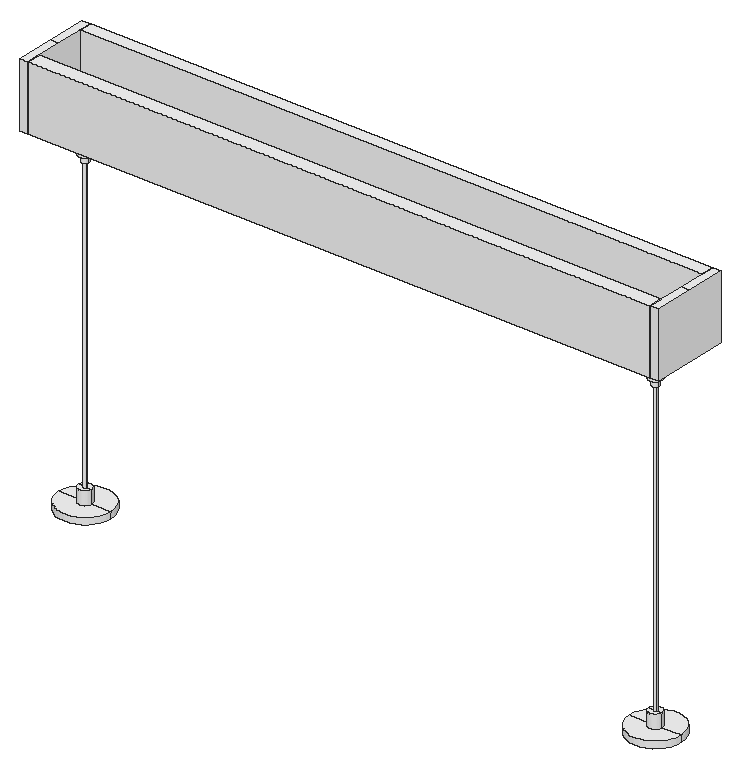
Revit family "70L-P-ID", category Lighting Fixtures, host Face, Revit 2021
Family settings
  Host = Face
  Round Connector Dimension = Use Diameter
  Part Type = Normal
  OmniClass Number = 23.80.70.14.21
  OmniClass Title = Street and Roadway Lighting
  Cut with Voids When Loaded = No
  Light Source = Yes
  Shared = Yes
  Room Calculation Point = No
Parameters (values of type "70L-P-ID-02")
  zz Length 1 = 24.000"
  Watts = 25 W
  Wattage Comments = ""
  Wattage = 106.5 W
  built-in parameter 1150110 = 1 (stored number, unit not read)
  Voltage = 120 V
  URL = "https://www.currentlighting.com/litecontrol"
  Type Comments = "Lighting Fixtures"  # constant formula
  built-in parameter 1114217 = 1 (stored number, unit not read)
  Tilt Angle = -90.00°  # constant formula
  built-in parameter 1150109 = 1 (stored number, unit not read)
  built-in parameter 1150134 = (empty or 0)
  built-in parameter 1150113 = 1 (stored number, unit not read)
  Product Material = White
  Power Factor = 1
  Photometric Web File = "70L-X-ID-STD-4-CX-35K-I030-D030-ECC.ies"
  Photometric Note = "More Photometric Web Files dowload in the Web link"  # constant formula
  Model = "Nelo 70L"  # constant formula
  Manufacturer = "LITECONTROL"  # constant formula
  built-in parameter 1150105 = -5126353.4 (stored number, unit not read)
  Lumens = 12247.5 lm
  built-in parameter 1150115 = 1 (stored number, unit not read)
  Load Classification = Lighting
  built-in parameter 1150137 = (empty or 0)
  built-in parameter 1150139 = (empty or 0)
  built-in parameter 1150112 = 1 (stored number, unit not read)
  built-in parameter 1150114 = 1 (stored number, unit not read)
  Lamp = "LED"  # constant formula
  built-in parameter 1150132 = (empty or 0)
  built-in parameter 1150102 = (empty or 0)
  built-in parameter 1150107 = 3107 (stored number, unit not read)
  built-in parameter 1150138 = (empty or 0)
  built-in parameter 1150106 = -51263.5 (stored number, unit not read)
  Glass = Glass -  White
  Features = " Variable Intensity technology provides a range of specifiable outputs and \r\nresulting fixture wattages\r\n•  1200 lumens max. See performance data table on page 4 for additional \r\ninformation\r\n•  80 & 90 CRI (30, 35, 40K); Warm Dim (30-22K), Tunable White (27-65K & 27-50K)"  # constant formula
  Emit from Line Length = zz Length 1 - 1.000"  # 23.000"
  built-in parameter 1150104 = 10.684 (stored number, unit not read)
  Dimming Lamp Color Temperature Shift = <None>
  Description = "Open Aperture Recessed Direct"  # constant formula
  Default Elevation = 48.000"
  Cord Length = 12.000"
  Contact Us = ""
  Color Filter = 16777215
  built-in parameter 1114218 = 1 (stored number, unit not read)
  built-in parameter 1150133 = 10 (stored number, unit not read)
  Assembly Code = "D5020200"
  Apparent Load = Watts / Power Factor  # 25 VA
Types (7): name | zz Length 1 | Emit from Line Length | Cord Length
  (no name) | 24.000" | 23.000" | 12.000"
  70L-P-ID-02 | 24.000" | 23.000" | 12.000"
  70L-P-ID-03 | 36.000" | 35.000" | 10.000"
  70L-P-ID-04 | 48.000" | 47.000" | 10.000"
  70L-P-ID-05 | 60.000" | 59.000" | 10.000"
  70L-P-ID-06 | 72.000" | 71.000" | 10.000"
  70L-P-ID-08 | 96.000" | 95.000" | 10.000"
Reference planes (in)
  plane 1 "Center (Front/Back)": y = 0
  plane 2: z = 0
  plane 3 "Center (Left/Right)": x = 0
  plane 4: x = 12
  plane 5: x = -12
  plane 6: y = -1.5
  plane 7: y = 1.5
  plane 8: z = 12
  plane 9: z = 13.25
  plane 10: z = 15.75
  plane 11: x = 12.313
  plane 12: x = -12.313
  plane 13: x = -11
  plane 14: x = 11
Forms (in)
  Extrusion 1, solid, material "White" <- "Product Material"
    sketch origin (0, 0, 0) x (0, 1, 0) y (0, 0, 1)
      loop
        line (1.5, 15.75) -> (1, 15.75) -> (1, 14) -> (0, 14) -> (-1, 14) -> (-1, 15.75) -> (-1.5, 15.75) -> (-1.5, 13.25) -> (1.5, 13.25) -> (1.5, 15.75)
    from -12 to 12
  Extrusion 2, solid, material "White" <- "Product Material"
    sketch origin (0, 0, 0) x (0, 1, 0) y (0, 0, 1)
      loop
        line (-1.5, 15.75) -> (-1.5, 13.25) -> (1.5, 13.25) -> (1.5, 15.75) -> (0, 15.75) -> (-1.5, 15.75)
    from 12 to 12.313
  Extrusion 3, solid, material "White" <- "Product Material"
    sketch origin (0, 0, 0) x (0, 1, 0) y (0, 0, -1)
      loop
        line (-1.5, -15.75) -> (0, -15.75) -> (1.5, -15.75) -> (1.5, -13.25) -> (-1.5, -13.25) -> (-1.5, -15.75)
    from 12 to 12.313
  Revolve 4, solid, material "White" <- "Product Material"
    sketch origin (0, 0, 0) x (1, 0, 0) y (0, 0, 1)
      loop
        line (11, 13.25) -> (11, 0) -> (12, 0) -> (12, 0.25) -> (11.25, 0.25) -> (11.25, 0.75) -> (11.05622, 0.75) -> (11.05622, 12) -> (11.12699, 12) -> (11.12699, 12.25) -> (11.25, 12.25) -> (11.25, 13.25) -> (11, 13.25)
      axis (11, 13.25) -> (11, 0)
    angle from 0 to 360
  Revolve 5, solid, material "White" <- "Product Material"
    sketch origin (0, 0, 0) x (-1, 0, 0) y (0, 0, -1)
      loop
        line (11, -13.25) -> (11.25, -13.25) -> (11.25, -12.25) -> (11.12699, -12.25) -> (11.12699, -12) -> (11.05622, -12) -> (11.05622, -0.75) -> (11.25, -0.75) -> (11.25, -0.25) -> (12, -0.25) -> (12, 0) -> (11, 0) -> (11, -13.25)
      axis (11, -13.25) -> (11, 0)
    angle from 0 to 360
Dimensions and locks (in)
  "zz Length 1": plane 4 to plane 5
  equal spacing: plane 4, plane 3 "Center (Left/Right)", plane 5
  "Cord Length": plane 8 to plane 2
  plane 9 to plane 8 = 1.250"
  plane 10 to plane 9 = 2.500"
  locked: plane 4 to plane 14 at 1
  locked: plane 11 to plane 4 at 0.313
  locked: plane 13 to plane 5 at 1
  locked: plane 5 to plane 12 at 0.313
  locked: Revolve 4 sketch curve to Revolve 4 sketch curve at 0.25
  locked: Revolve 5 sketch curve to Revolve 5 sketch curve at 0.25
  aligned and locked: plane 2 to host face
  aligned and locked: level to host face
  aligned and locked: Extrusion 1 to plane 5
  aligned and locked: plane 4 to Extrusion 1
  aligned and locked: plane 11 to Extrusion 2
  aligned and locked: Extrusion 2 to plane 4
  aligned and locked: Revolve 4 sketch curve to plane 14
  aligned and locked: Extrusion 3 to plane 12
  aligned and locked: plane 5 to Extrusion 3
  aligned and locked: Revolve 5 sketch curve to plane 13
Automatic sketch dimensions
  host sketch curve to host sketch curve = 96.000"  (x2)
  Extrusion 1 sketch curve to plane 6 = 0.000"
  Extrusion 1 sketch curve to plane 10 = 0.000"  (x2)
  Extrusion 1 sketch curve to plane 1 "Center (Front/Back)" = 0.000"
  Extrusion 1 sketch curve to plane 7 = 0.000"
  Extrusion 1 sketch curve to plane 9 = 0.000"
  Extrusion 1 sketch curve to plane 6 = 0.500"
  plane 7 to Extrusion 1 sketch curve = 0.500"
  plane 9 to Extrusion 1 sketch curve = 0.750"
  Extrusion 2 sketch curve to plane 6 = 0.000"
  Extrusion 2 sketch curve to plane 10 = 0.000"
  Extrusion 2 sketch curve to plane 7 = 0.000"
  Extrusion 2 sketch curve to plane 9 = 0.000"
  Extrusion 3 sketch curve to plane 6 = 0.000"
  Extrusion 3 sketch curve to plane 10 = 0.000"
  Extrusion 3 sketch curve to plane 7 = 0.000"
  Extrusion 3 sketch curve to plane 9 = 0.000"
  Revolve 4 sketch curve to plane 9 = 0.000"
  Revolve 4 sketch curve to plane 14 = 0.000"
  Revolve 4 sketch curve to plane 8 = 0.000"
  Revolve 4 sketch curve to level = 0.000"
  Revolve 4 sketch curve to plane 4 = 0.000"
  plane 14 to Revolve 4 sketch curve = 0.05622"
  Revolve 4 sketch curve to Revolve 4 sketch curve = 0.07078"
  Revolve 4 sketch curve to Revolve 4 sketch curve = 0.19378"
  Revolve 4 sketch curve to Revolve 4 sketch curve = 0.250"
  Revolve 4 sketch curve to Revolve 4 sketch curve = 0.500"
  plane 8 to Revolve 4 sketch curve = 0.250"
  Revolve 4 sketch curve to level = 24.000"
  plane 10 to Revolve 4 sketch curve = 19.42244"
  Revolve 5 sketch curve to plane 9 = 0.000"
  Revolve 5 sketch curve to plane 13 = 0.000"
  Revolve 5 sketch curve to plane 8 = 0.000"
  Revolve 5 sketch curve to level = 0.000"
  Revolve 5 sketch curve to plane 5 = 0.000"
  Revolve 5 sketch curve to plane 13 = 0.05622"
  Revolve 5 sketch curve to Revolve 5 sketch curve = 0.07078"
  Revolve 5 sketch curve to Revolve 5 sketch curve = 0.19378"
  plane 8 to Revolve 5 sketch curve = 0.250"
  level to Revolve 5 sketch curve = 0.750"
  level to Revolve 5 sketch curve = 0.250"
  plane 10 to Revolve 5 sketch curve = 19.42244"
  Revolve 5 sketch curve to Revolve 5 sketch curve = 24.000"
  Extrusion 2 sketch curve to plane 6 = 1.500"
  Extrusion 3 sketch curve to plane 6 = 1.500"
Connectors (in)
  electrical at (11, 0, 0), driven by "Power Factor", driven by "Apparent Load", driven by "Voltage", driven by "Load Classification"
    settings: on Revolve 4, index 1, voltage 120 V, apparent load 25 VA, apparent load phase1 0 VA, apparent load phase2 0 VA, apparent load phase3 0 VA, power factor 1, load classification "Lighting", number of poles 1, system type 30, power factor state 1, is connector primary yes, connector utility no, sub classification motor no, connector description "Lighting Connector"
